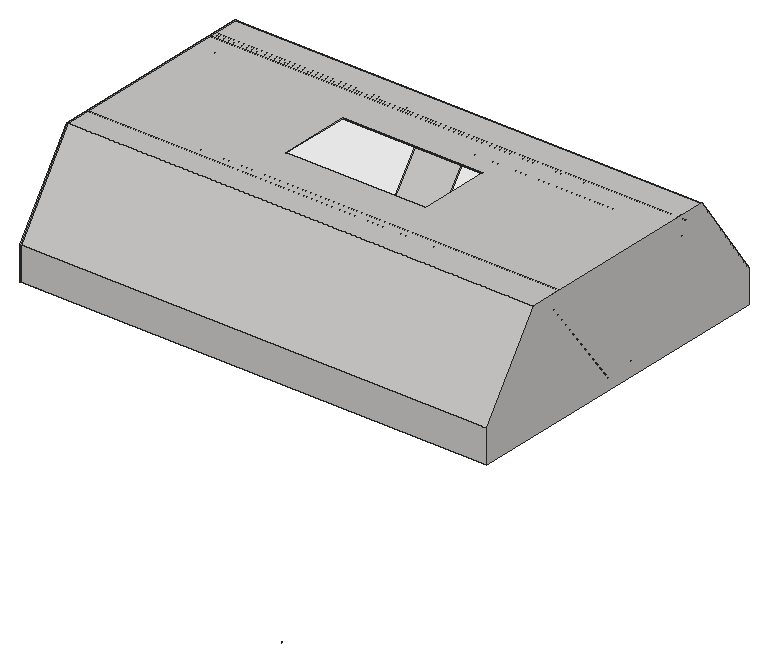
Revit family "QF_ELECTROLUXPROFESSIONAL_642347_BC1420DT", category Specialty Equipment, Revit 2014
Reference planes
  plane 1: z = 0
  plane 2 "Center (Left/Right)": x = 150
  plane 3 "LEFT": x = -850
  plane 4 "RIGHT": x = 1150
  plane 5 "BACK": y = 550
  plane 6 "TOP": z = 2500
  plane 7 "Base": z = 2000
  plane 8: z = 1946
  plane 9: x = -847
  plane 10 "DrainX": x = 999
  plane 11 "AOLeft2": x = 450
  plane 12: x = 1147
  plane 13: x = -650
  plane 14: x = 950
  plane 15: x = 50
  plane 16: x = 250
  plane 17 "AOLeft1": x = -150
  plane 18: y = 0
  plane 19: y = -300
  plane 20 "Center (Front/Back)": y = -150
  plane 21: y = -850
  plane 22: through (0, -201.379, 2046.209) normal (0, 0.8019, 0.5974)
  plane 23: through (0, -98.621, 2046.209) normal (0, 0.8019, -0.5974)
  plane 24: z = 2140
Forms (mm)
  Extrusion 1, solid, material "QF_Finishes_Stainless Steel"
    sketch origin (-850, 0, 360) x (0, 1, 0) y (0, 0, 1)
      loop
        line (550, 1640) -> (550, 1780) -> (299.446, 2140) -> (-599.446, 2140) -> (-850, 1780) -> (-850, 1640) -> (550, 1640)
    from 0 to 3
  Extrusion 2, solid, material "QF_Finishes_Stainless Steel"
    sketch origin (1150, 0, 360) x (0, 1, 0) y (0, 0, 1)
      loop
        line (550, 1640) -> (550, 1780) -> (299.446, 2140) -> (-599.446, 2140) -> (-850, 1780) -> (-850, 1640) -> (550, 1640)
    from 0 to -3
  Extrusion 3, solid, material "QF_Finishes_Stainless Steel"
    sketch origin (150, 0, 360) x (0, 1, 0) y (0, 0, 1)
      loop
        line (-599.446, 2140) -> (-850, 1780) -> (-850, 1640) -> (-840, 1640) -> (-840, 1640.8) -> (-849.2, 1640.8) -> (-849.2, 1779.739) -> (-599.025, 2139.19) -> (299.025, 2139.19) -> (549.2, 1779.739) -> (549.2, 1640.8) -> (540, 1640.8) -> (540, 1640) -> (550, 1640) -> (550, 1780) -> (299.446, 2140) -> (-599.446, 2140)
    from -1000 to 1000
  Extrusion 4, void
    sketch origin (0, 0, 2500) x (0, 1, 0) y (-1, 0, 0)
      loop
        line (0, -450) -> (0, 150) -> (-300, 150) -> (-300, -450) -> (0, -450)
    from 0 to -10
  Extrusion 5, solid, material "QF_Finishes_Stainless Steel"
    sketch origin (0, 0, 0) x (1, 0, 0) y (0, 1, 0)
      loop
        line (-850, 550) -> (-850, 549) -> (-849, 549) -> (-849, 550) -> (-850, 550)
    from 0 to 1
  Extrusion 6, solid, material "QF_Finishes_Stainless Steel"
    sketch origin (150, -400, 360) x (0, 1, 0) y (0, 0, 1)
      loop
        line (-98.883, 2085.553) -> (198.621, 1686.209) -> (214.66, 1698.157) -> (-82.844, 2097.501) -> (-98.883, 2085.553)
      loop
        line (598.883, 2085.553) -> (582.844, 2097.501) -> (285.34, 1698.157) -> (301.379, 1686.209) -> (598.883, 2085.553)
    from -800 to -997
  Extrusion 7, solid, material "QF_Finishes_Stainless Steel"
    sketch origin (150, -400, 360) x (0, 1, 0) y (0, 0, 1)
      loop
        arc (316.056, 1704.554) -> (315.455, 1704.706) -> (314.923, 1704.389) r 0.81
        line (314.923, 1704.389) -> (300.465, 1684.991) -> (283.389, 1687.002) -> (286.391, 1712.615) -> (285.593, 1712.708) -> (282.594, 1687.095)
        arc (282.594, 1687.095) -> (282.763, 1686.499) -> (283.305, 1686.197) r 0.81
        line (283.305, 1686.197) -> (300.372, 1684.196)
        arc (300.372, 1684.196) -> (300.787, 1684.257) -> (301.116, 1684.517) r 0.81
        line (301.116, 1684.517) -> (315.564, 1703.911) -> (326.308, 1695.919) -> (300.145, 1660.79) -> (199.855, 1660.79) -> (173.692, 1695.919) -> (184.436, 1703.911) -> (198.884, 1684.517)
        arc (198.884, 1684.517) -> (199.213, 1684.257) -> (199.628, 1684.196) r 0.81
        line (199.628, 1684.196) -> (216.695, 1686.197)
        arc (216.695, 1686.197) -> (217.237, 1686.499) -> (217.406, 1687.095) r 0.81
        line (217.406, 1687.095) -> (214.407, 1712.708) -> (213.609, 1712.615) -> (216.611, 1687.002) -> (199.535, 1684.991) -> (185.077, 1704.389)
        arc (185.077, 1704.389) -> (184.545, 1704.706) -> (183.944, 1704.554) r 0.81
        line (183.944, 1704.554) -> (173.214, 1696.561)
        arc (173.214, 1696.561) -> (172.897, 1696.028) -> (173.049, 1695.427) r 0.81
        line (173.049, 1695.427) -> (199.157, 1660.381)
        arc (199.157, 1660.381) -> (199.5, 1660.093) -> (199.937, 1659.99) r 0.972
        line (199.937, 1659.99) -> (300.049, 1659.99)
        arc (300.049, 1659.99) -> (300.498, 1660.096) -> (300.851, 1660.393) r 1
        line (300.851, 1660.393) -> (326.951, 1695.427)
        arc (326.951, 1695.427) -> (327.103, 1696.028) -> (326.786, 1696.561) r 0.81
        line (326.786, 1696.561) -> (316.056, 1704.554)
      loop
        line (-92.735, 2139.19) -> (-92.735, 2129.205) -> (-117.587, 2110.686)
        arc (-117.587, 2110.686) -> (-117.904, 2110.153) -> (-117.752, 2109.552) r 0.81
        line (-117.752, 2109.552) -> (-84.894, 2065.446) -> (-95.625, 2057.438) -> (-95.147, 2056.796) -> (-84.418, 2064.79)
        arc (-84.418, 2064.79) -> (-84.1, 2065.322) -> (-84.252, 2065.923) r 0.81
        line (-84.252, 2065.923) -> (-117.117, 2110.038) -> (-91.935, 2128.798) -> (-91.935, 2138.4) -> (-62.776, 2138.4) -> (-62.776, 2070.563) -> (-61.976, 2069.49) -> (-61.976, 2139.19) -> (-92.735, 2139.19)
      loop
        line (592.735, 2139.19) -> (561.976, 2139.19) -> (561.976, 2069.49) -> (562.776, 2070.563) -> (562.776, 2138.4) -> (591.935, 2138.4) -> (591.935, 2128.798) -> (617.117, 2110.038) -> (584.252, 2065.923)
        arc (584.252, 2065.923) -> (584.1, 2065.322) -> (584.418, 2064.79) r 0.81
        line (584.418, 2064.79) -> (595.147, 2056.796) -> (595.625, 2057.438) -> (584.894, 2065.446) -> (617.752, 2109.552)
        arc (617.752, 2109.552) -> (617.904, 2110.153) -> (617.587, 2110.686) r 0.81
        line (617.587, 2110.686) -> (592.735, 2129.205) -> (592.735, 2139.19)
    from -997 to 997
  Extrusion 8, solid, material "QF_Finishes_Stainless Steel"
    sketch origin (150, -400, 360) x (0, 1, 0) y (0, 0, 1)
      loop
        line (-98.883, 2085.553) -> (198.621, 1686.209) -> (214.66, 1698.157) -> (-82.844, 2097.501) -> (-98.883, 2085.553)
      loop
        line (598.883, 2085.553) -> (582.844, 2097.501) -> (285.34, 1698.157) -> (301.379, 1686.209) -> (598.883, 2085.553)
    from 997 to 800
  Extrusion 9, solid, material "QF_Finishes_Stainless Steel"
    sketch origin (150, -400, 360) x (0, 1, 0) y (0, 0, 1)
      loop
        line (-98.883, 2085.553) -> (198.621, 1686.209) -> (214.66, 1698.157) -> (-82.844, 2097.501) -> (-98.883, 2085.553)
      loop
        line (598.883, 2085.553) -> (582.844, 2097.501) -> (285.34, 1698.157) -> (301.379, 1686.209) -> (598.883, 2085.553)
    from -100 to 100
  Extrusion 10, solid, material "QF_Finished_Chrome"
    sketch origin (150, -400, 360) x (0, 1, 0) y (0, 0, 1)
      loop
        line (-98.883, 2085.553) -> (198.621, 1686.209) -> (214.66, 1698.157) -> (-82.844, 2097.501) -> (-98.883, 2085.553)
      loop
        line (598.883, 2085.553) -> (582.844, 2097.501) -> (285.34, 1698.157) -> (301.379, 1686.209) -> (598.883, 2085.553)
    from -800 to -100
  Extrusion 11, solid, material "QF_Finished_Chrome"
    sketch origin (150, -400, 360) x (0, 1, 0) y (0, 0, 1)
      loop
        line (-98.883, 2085.553) -> (198.621, 1686.209) -> (214.66, 1698.157) -> (-82.844, 2097.501) -> (-98.883, 2085.553)
      loop
        line (598.883, 2085.553) -> (582.844, 2097.501) -> (285.34, 1698.157) -> (301.379, 1686.209) -> (598.883, 2085.553)
    from 100 to 800
  Sweep 12, solid, material "QF_Finishes_Stainless Steel"
    path origin (0, 0, 0) x (1, 0, 0) y (0, 1, 0)
      loop
        line (1150, 550) -> (-850, 550) -> (-850, -850) -> (1150, -850) -> (1150, 550)
    profile origin (1150, -150, 0) x (1, 0, 0) y (0, 0, 1)
      loop
        line (-3, 2000) -> (-3, 2000.8) -> (-19, 2000.8) -> (-19, 2010) -> (-20, 2010) -> (-20, 2000) -> (-3, 2000)
  Extrusion 13, solid, material "QF_Finishes_Stainless Steel"
    sketch origin (999, 0, 0) x (0, 1, 0) y (0, 0, 1)
      loop
        arc (-118.5, 1946) -> (-111.429, 1948.929) -> (-108.5, 1956) r 10
        line (-108.5, 1956) -> (-108.5, 2000.8) -> (-191.5, 2000.8) -> (-191.5, 1956)
        arc (-191.5, 1956) -> (-188.571, 1948.929) -> (-181.5, 1946) r 10
        line (-181.5, 1946) -> (-118.5, 1946)
    from -90 to 90
  Extrusion 14, solid, material "QF_Finishes_Stainless Steel"
    sketch origin (0, -1100, 2000) x (0, 1, 0) y (-1, 0, 0)
      loop
        circle (950, -999) r 6.35
    from -3.799 to 0
Cuts and joins
  Extrusion 4 cuts Extrusion 3
  joined: Extrusion 2, Extrusion 3, Sweep 12
Lines and regions (mm)
  symbolic lines, style "SpecialityEquipment", detail levels coarse
    curve 1: line (1150, 550, 2500) -> (-850, 550, 2500)
    curve 2: line (-850, 550, 2500) -> (-850, -850, 2500)
    curve 3: line (1150, -850, 2500) -> (1150, 550, 2500)
    curve 4: line (-850, 299.025, 0) -> (1149.504, -599.025, 0)
    curve 5: line (1149.568, 299.025, 0) -> (-850, -599.025, 0)
  symbolic lines, detail levels coarse
    curve 6: line (-150, -300, 0) -> (450, -300, 0)
    curve 7: line (-150, 0, 0) -> (-150, -300, 0)
    curve 8: line (450, 0, 0) -> (-150, 0, 0)
    curve 9: line (450, -300, 0) -> (450, 0, 0)
    curve 10: line (-850, 299.025, 0) -> (1149.568, 299.025, 0)
    curve 11: line (1149.504, -599.025, 0) -> (-850, -599.025, 0)
    curve 12: line (1147, -849.2, 0) -> (-853, -849.2, 0)
Dimensions and locks
  plane 3 "LEFT" to plane 4 "RIGHT" = 2000 mm
  equal spacing: plane 3 "LEFT", plane 2 "Center (Left/Right)", plane 4 "RIGHT"
  plane 3 "LEFT" to plane 9 = 3 mm
  plane 10 "DrainX" to plane 4 "RIGHT" = 151 mm
  plane 12 to plane 4 "RIGHT" = 3 mm
  plane 3 "LEFT" to plane 13 = 200 mm
  plane 14 to plane 4 "RIGHT" = 200 mm
  locked: plane 7 "Base" to level at 2000
  locked: plane 15 to plane 16 at 200
  equal spacing: plane 15, plane 2 "Center (Left/Right)", plane 16
  plane 7 "Base" to plane 8 = 54 mm
  locked: plane 6 "TOP" to plane 7 "Base" at 500
  plane 5 "BACK" to plane 21 = 1400 mm  (x2)
  equal spacing: plane 5 "BACK", plane 20 "Center (Front/Back)", plane 21
  plane 19 to plane 18 = 300 mm
  equal spacing: plane 19, plane 20 "Center (Front/Back)", plane 18
  plane 24 to plane 7 "Base" = 140 mm
  locked: plane 17 "AOLeft1" to plane 11 "AOLeft2" at 600
  aligned and locked: level to plane 1
  aligned and locked: plane 4 "RIGHT" to Extrusion 3
  aligned and locked: Extrusion 3 to plane 3 "LEFT"
  aligned and locked: Extrusion 6 to plane 9
  aligned and locked: plane 13 to Extrusion 6
  aligned and locked: Extrusion 2 to plane 12
  aligned and locked: plane 12 to Extrusion 8
  aligned and locked: Extrusion 8 to plane 14
  aligned and locked: plane 16 to Extrusion 9
  aligned and locked: Extrusion 9 to plane 15
  aligned and locked: plane 15 to Extrusion 10
  aligned and locked: Extrusion 10 to plane 13
  aligned and locked: Extrusion 11 to plane 16
  aligned and locked: Extrusion 11 to plane 14
  aligned and locked: Extrusion 7 to plane 9
  aligned and locked: plane 12 to Extrusion 7
  aligned and locked: Extrusion 4 to plane 17 "AOLeft1"
  aligned and locked: Extrusion 4 to plane 11 "AOLeft2"
  aligned and locked: plane 19 to Extrusion 4
  aligned and locked: plane 18 to Extrusion 4
Automatic sketch dimensions
  Extrusion 4 sketch curve to plane 11 "AOLeft2" = 0 mm
  Extrusion 4 sketch curve to plane 17 "AOLeft1" = 0 mm
  Extrusion 5 sketch curve to plane 3 "LEFT" = 0 mm
  Extrusion 5 sketch curve to plane 5 "BACK" = 0 mm
  plane 3 "LEFT" to Extrusion 5 sketch curve = 1 mm
  Extrusion 5 sketch curve to Extrusion 5 sketch curve = 1 mm
  Sweep 12 sketch curve to plane 3 "LEFT" = 0 mm
  Sweep 12 sketch curve to plane 4 "RIGHT" = 0 mm
  Sweep 12 sketch curve to plane 5 "BACK" = 0 mm
  profile plane to Sweep 12 sketch curve = 20 mm
  Sweep 12 sketch curve to Sweep 12 sketch curve = 1 mm
  profile plane to Sweep 12 sketch curve = 3 mm
  level to Sweep 12 sketch curve = 2000 mm
  Sweep 12 sketch curve to Sweep 12 sketch curve = 0.8 mm
  Sweep 12 sketch curve to Sweep 12 sketch curve = 9.2 mm
  plane 19 to Sweep 12 sketch curve = 550 mm
  plane 19 to Extrusion 4 sketch curve = 0 mm
  Extrusion 4 sketch curve to plane 18 = 0 mm
  Extrusion 14 sketch curve to plane 10 "DrainX" = 0 mm
  Extrusion 14 sketch curve to plane 20 "Center (Front/Back)" = 0 mm
  Extrusion 13 sketch curve to plane 8 = 0 mm
  plane 8 to Extrusion 13 sketch curve = 10 mm
  Extrusion 13 sketch curve to plane 20 "Center (Front/Back)" = 41.5 mm
  plane 20 "Center (Front/Back)" to Extrusion 13 sketch curve = 31.5 mm
  plane 7 "Base" to Extrusion 13 sketch curve = 0.8 mm
  plane 20 "Center (Front/Back)" to Extrusion 13 sketch curve = 41.5 mm
  plane 19 to Extrusion 6 sketch curve = 198.883 mm
  Extrusion 6 sketch curve to plane 6 "TOP" = 42.499 mm  (x2)
  Extrusion 6 sketch curve to Extrusion 6 sketch curve = 16.039 mm  (x2)
  Extrusion 6 sketch curve to plane 20 "Center (Front/Back)" = 51.379 mm
  plane 20 "Center (Front/Back)" to Extrusion 6 sketch curve = 35.34 mm
  plane 18 to Extrusion 6 sketch curve = 182.844 mm
  Extrusion 6 sketch curve to Extrusion 6 sketch curve = 11.948 mm  (x2)
  Extrusion 7 sketch curve to plane 6 "TOP" = 30.448 mm  (x2)
  plane 19 to Extrusion 7 sketch curve = 217.752 mm
  Extrusion 7 sketch curve to plane 6 "TOP" = 29.314 mm  (x2)
  Extrusion 7 sketch curve to Extrusion 7 sketch curve = 0.166 mm  (x3)
  Extrusion 7 sketch curve to plane 6 "TOP" = 29.962 mm  (x2)
  Extrusion 7 sketch curve to Extrusion 7 sketch curve = 0.47 mm  (x2)
  Extrusion 7 sketch curve to Extrusion 7 sketch curve = 0.014 mm  (x2)
  Extrusion 7 sketch curve to plane 6 "TOP" = 82.562 mm  (x2)
  Extrusion 7 sketch curve to Extrusion 7 sketch curve = 22.127 mm
  Extrusion 7 sketch curve to plane 6 "TOP" = 83.204 mm  (x2)
  Extrusion 7 sketch curve to Extrusion 7 sketch curve = 0.478 mm  (x5)
  Extrusion 7 sketch curve to plane 6 "TOP" = 0.81 mm  (x2)
  Extrusion 7 sketch curve to Extrusion 7 sketch curve = 24.852 mm
  Extrusion 7 sketch curve to Extrusion 7 sketch curve = 0.8 mm  (x5)
  Extrusion 7 sketch curve to Extrusion 7 sketch curve = 10.724 mm
  Extrusion 7 sketch curve to plane 6 "TOP" = 74.554 mm  (x2)
  Extrusion 7 sketch curve to Extrusion 7 sketch curve = 0.008 mm  (x6)
  Extrusion 7 sketch curve to plane 6 "TOP" = 75.21 mm  (x2)
  Extrusion 7 sketch curve to plane 6 "TOP" = 74.077 mm  (x2)
  Extrusion 7 sketch curve to Extrusion 7 sketch curve = 0.642 mm  (x2)
  Extrusion 7 sketch curve to plane 6 "TOP" = 69.437 mm  (x2)
  Extrusion 7 sketch curve to Extrusion 7 sketch curve = 21.476 mm  (x2)
  Extrusion 7 sketch curve to plane 19 = 73.049 mm
  Extrusion 7 sketch curve to Extrusion 7 sketch curve = 0.006 mm  (x4)
  Extrusion 7 sketch curve to Extrusion 7 sketch curve = 10.73 mm  (x3)
  Extrusion 7 sketch curve to Extrusion 7 sketch curve = 0.484 mm  (x4)
  Extrusion 7 sketch curve to Extrusion 7 sketch curve = 0.641 mm  (x2)
  Extrusion 7 sketch curve to Extrusion 7 sketch curve = 14.448 mm
  plane 7 "Base" to Extrusion 7 sketch curve = 20.381 mm
  Extrusion 7 sketch curve to Extrusion 7 sketch curve = 0.273 mm
  Extrusion 7 sketch curve to Extrusion 7 sketch curve = 0.65 mm  (x2)
  Extrusion 7 sketch curve to Extrusion 7 sketch curve = 0.001 mm  (x4)
  Extrusion 7 sketch curve to Extrusion 7 sketch curve = 0.093 mm  (x2)
  plane 7 "Base" to Extrusion 7 sketch curve = 20.79 mm
  Extrusion 7 sketch curve to Extrusion 7 sketch curve = 0.698 mm
  Extrusion 7 sketch curve to Extrusion 7 sketch curve = 0.081 mm
  Extrusion 7 sketch curve to Extrusion 7 sketch curve = 28.531 mm
  Extrusion 7 sketch curve to Extrusion 7 sketch curve = 0.799 mm  (x2)
  Extrusion 7 sketch curve to Extrusion 7 sketch curve = 17.067 mm  (x2)
  Extrusion 7 sketch curve to Extrusion 7 sketch curve = 0.01 mm  (x4)
  Extrusion 7 sketch curve to Extrusion 7 sketch curve = 0.094 mm
  Extrusion 7 sketch curve to Extrusion 7 sketch curve = 0.795 mm  (x2)
  plane 20 "Center (Front/Back)" to Extrusion 7 sketch curve = 32.594 mm
  Extrusion 7 sketch curve to Extrusion 7 sketch curve = 0.71 mm
  Extrusion 7 sketch curve to Extrusion 7 sketch curve = 2.998 mm
  Extrusion 7 sketch curve to Extrusion 7 sketch curve = 16.745 mm
  Extrusion 7 sketch curve to Extrusion 7 sketch curve = 0.095 mm
  plane 7 "Base" to Extrusion 7 sketch curve = 20.393 mm
  Extrusion 7 sketch curve to Extrusion 7 sketch curve = 0.707 mm
  Extrusion 7 sketch curve to Extrusion 7 sketch curve = 0.651 mm
  Extrusion 7 sketch curve to Extrusion 7 sketch curve = 14.456 mm
  Extrusion 7 sketch curve to plane 6 "TOP" = 70.51 mm  (x2)
  plane 18 to Extrusion 7 sketch curve = 161.976 mm
  Extrusion 7 sketch curve to plane 6 "TOP" = 1.6 mm
  Extrusion 7 sketch curve to Extrusion 7 sketch curve = 29.159 mm
  Extrusion 7 sketch curve to Extrusion 7 sketch curve = 24.368 mm
  Extrusion 7 sketch curve to Extrusion 7 sketch curve = 0.636 mm
  Extrusion 7 sketch curve to Extrusion 7 sketch curve = 23.206 mm
  Extrusion 7 sketch curve to Extrusion 7 sketch curve = 23.234 mm
  Extrusion 7 sketch curve to Extrusion 7 sketch curve = 0.321 mm  (x2)
  Extrusion 7 sketch curve to Extrusion 7 sketch curve = 2.001 mm  (x2)
  Extrusion 7 sketch curve to Extrusion 7 sketch curve = 0.804 mm  (x2)
  Extrusion 7 sketch curve to Extrusion 7 sketch curve = 10.911 mm  (x2)
  Extrusion 7 sketch curve to Extrusion 7 sketch curve = 7.993 mm  (x2)
  Extrusion 7 sketch curve to Extrusion 7 sketch curve = 25.613 mm  (x2)
  Extrusion 7 sketch curve to Extrusion 7 sketch curve = 0.407 mm  (x2)
  Extrusion 7 sketch curve to Extrusion 7 sketch curve = 0.79 mm
  Extrusion 3 sketch curve to plane 7 "Base" = 0 mm  (x2)
  Extrusion 3 sketch curve to plane 21 = 0 mm
  Extrusion 3 sketch curve to plane 5 "BACK" = 0 mm
  plane 21 to Extrusion 3 sketch curve = 0.8 mm
  plane 7 "Base" to Extrusion 3 sketch curve = 0.8 mm  (x2)
  Extrusion 3 sketch curve to Extrusion 3 sketch curve = 9.2 mm
  plane 21 to Extrusion 3 sketch curve = 250.554 mm
  Extrusion 3 sketch curve to Extrusion 3 sketch curve = 0.421 mm  (x2)
  Extrusion 3 sketch curve to plane 6 "TOP" = 0.81 mm
  Extrusion 3 sketch curve to plane 5 "BACK" = 250.975 mm
  Extrusion 3 sketch curve to plane 5 "BACK" = 10 mm
  Extrusion 3 sketch curve to plane 5 "BACK" = 0.8 mm
  Extrusion 3 sketch curve to Extrusion 3 sketch curve = 138.939 mm  (x2)
  Extrusion 3 sketch curve to Extrusion 3 sketch curve = 0.261 mm  (x2)
  Extrusion 3 sketch curve to plane 6 "TOP" = 0 mm
  Extrusion 1 sketch curve to plane 7 "Base" = 0 mm
  Extrusion 1 sketch curve to plane 21 = 0 mm
  Extrusion 1 sketch curve to plane 6 "TOP" = 0 mm
  Extrusion 1 sketch curve to plane 5 "BACK" = 0 mm
  Extrusion 1 sketch curve to plane 5 "BACK" = 250.554 mm
  plane 7 "Base" to Extrusion 1 sketch curve = 140 mm
  Extrusion 1 sketch curve to Extrusion 1 sketch curve = 140 mm
  plane 21 to Extrusion 1 sketch curve = 250.554 mm
  plane 19 to Extrusion 10 sketch curve = 198.883 mm
  Extrusion 10 sketch curve to plane 6 "TOP" = 42.499 mm  (x2)
  Extrusion 10 sketch curve to Extrusion 10 sketch curve = 16.039 mm  (x2)
  Extrusion 10 sketch curve to plane 20 "Center (Front/Back)" = 51.379 mm
  plane 20 "Center (Front/Back)" to Extrusion 10 sketch curve = 35.34 mm
  plane 18 to Extrusion 10 sketch curve = 182.844 mm
  Extrusion 10 sketch curve to Extrusion 10 sketch curve = 11.948 mm  (x2)
  plane 19 to Extrusion 9 sketch curve = 198.883 mm
  Extrusion 9 sketch curve to plane 6 "TOP" = 42.499 mm  (x2)
  Extrusion 9 sketch curve to Extrusion 9 sketch curve = 16.039 mm  (x2)
  Extrusion 9 sketch curve to plane 20 "Center (Front/Back)" = 51.379 mm
  plane 20 "Center (Front/Back)" to Extrusion 9 sketch curve = 35.34 mm
  plane 18 to Extrusion 9 sketch curve = 182.844 mm
  Extrusion 9 sketch curve to Extrusion 9 sketch curve = 11.948 mm  (x2)
  plane 19 to Extrusion 11 sketch curve = 198.883 mm
  Extrusion 11 sketch curve to plane 6 "TOP" = 42.499 mm  (x2)
  Extrusion 11 sketch curve to Extrusion 11 sketch curve = 16.039 mm  (x2)
  Extrusion 11 sketch curve to plane 20 "Center (Front/Back)" = 51.379 mm
  plane 20 "Center (Front/Back)" to Extrusion 11 sketch curve = 35.34 mm
  plane 18 to Extrusion 11 sketch curve = 182.844 mm
  Extrusion 11 sketch curve to Extrusion 11 sketch curve = 11.948 mm  (x2)
  plane 19 to Extrusion 8 sketch curve = 198.883 mm
  Extrusion 8 sketch curve to plane 6 "TOP" = 42.499 mm  (x2)
  Extrusion 8 sketch curve to Extrusion 8 sketch curve = 16.039 mm  (x2)
  Extrusion 8 sketch curve to plane 20 "Center (Front/Back)" = 51.379 mm
  plane 20 "Center (Front/Back)" to Extrusion 8 sketch curve = 35.34 mm
  plane 18 to Extrusion 8 sketch curve = 182.844 mm
  Extrusion 8 sketch curve to Extrusion 8 sketch curve = 11.948 mm  (x2)
  Extrusion 2 sketch curve to plane 7 "Base" = 0 mm
  Extrusion 2 sketch curve to plane 21 = 0 mm
  Extrusion 2 sketch curve to plane 5 "BACK" = 0 mm
  Extrusion 2 sketch curve to plane 24 = 0 mm  (x2)
  Extrusion 2 sketch curve to plane 5 "BACK" = 250.554 mm
  plane 21 to Extrusion 2 sketch curve = 250.554 mm
  Extrusion 2 sketch curve to plane 6 "TOP" = 0 mm
  curve 2 to plane 3 "LEFT" = 0 mm
  curve 2 to plane 21 = 0 mm
  curve 3 to plane 4 "RIGHT" = 0 mm
  curve 3 to plane 21 = 0 mm
  curve 2 to plane 5 "BACK" = 0 mm
  curve 11 to plane 3 "LEFT" = 0 mm
  curve 10 to plane 3 "LEFT" = 0 mm
  curve 7 to plane 17 "AOLeft1" = 0 mm
  curve 8 to plane 11 "AOLeft2" = 0 mm
  curve 12 to plane 12 = 0 mm
  plane 19 to curve 6 = 0 mm
  curve 9 to plane 18 = 0 mm
  curve 4 to plane 4 "RIGHT" = 0.496 mm
  curve 10 to plane 4 "RIGHT" = 0.432 mm
  plane 21 to curve 11 = 250.975 mm
  curve 10 to plane 5 "BACK" = 250.975 mm
  plane 21 to curve 12 = 0.8 mm
  curve 12 to plane 3 "LEFT" = 3 mm
  radius of Extrusion 14 sketch curve = 6.35 mm
Connectors
  hvac at (150, -150, 2500)
    settings: on Extrusion 4, index 2, duct flow 0.0 L/s, flow factor 0, pres drop 0.0 Pa, loss coef 0, conn angle 0.00°, conn width 300 mm, conn height 0 mm, conn diameter 609.6 mm, duct sys type 3, conn prof type 1, flow config 1, flow direction 2, loss method 0, conn ref index -1, conn util no, is conn primary yes, conn desc "EXHAUST OUTLET"
  piping at (999, -150, 1996.201), diameter 12.7
    settings: on Extrusion 14, index 4, connector inside diameter 609.6 mm, connector length 0 mm, flow factor 0, pipe flow 0.0 L/s, pressure drop 0.0 Pa, fitting loss kfactor 0, connector angle 0.00°, fixture units 0, engagement length 0 mm, angle of deflection 0.00°, flow configuration 1, flow direction 2, fitting loss method 0, system type 16, joint type 0, gender type 0, connector reference index -1, connector utility 0, adjustable connector no, is connector primary yes, connector description "Drain"
